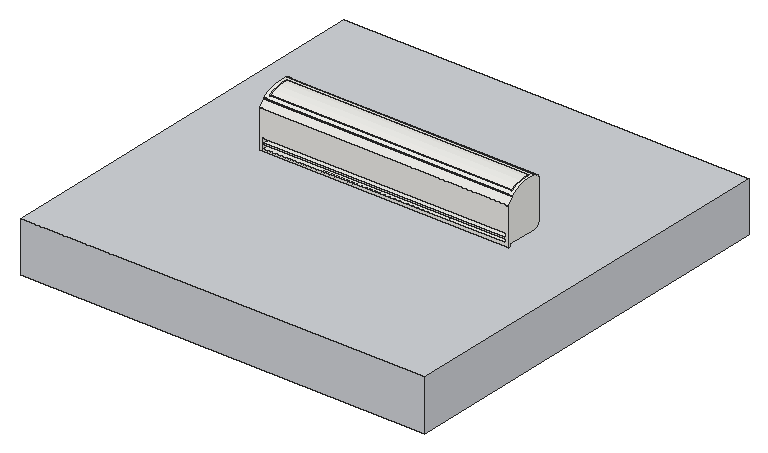
Revit family "ГРЕЕРС ЗВ - 150 В", category Wyposażenie mechaniczne, Revit 2016
Family settings
  Obiekt nadrzędny = Powierzchnia
  Typ części = Normalny
  Wymiar okrągłego złącza = Użyj średnicy
  Tnij formami wycięć po wczytaniu = Nie
  Współdzielony = Nie
  Punkt obliczania pomieszczeń = Nie
Parameters (values of type "ГРЕЕРС ЗВ - 150 В")
  Тепловая мощность = 0 kW
  Температура воздуха на выходе из аппарата (Тр2) = 0 °C
  Температура воздуха на входе в аппарат (Тр1) = 0 °C
  Температура воды на входе в теплообменник (Tw1) = 0 °C
  Производительность = 0 m³/h
  Полная мощность = Напряжение питания * Макс. потребление тока  # 218.5 VA
  Патрубки = 3/4"
  Падение давления воды в теплообменнике = 0 kPa
  Напряжение питания = 230 V
  Материал 2 = ГРЕЕРС-сталь,перфорация-белый
  Материал = ГРЕЕРС-сталь-белый
  Макс. потребление тока = 0.95 A
  Коэффициент мощности = 0.96
  Количество воды проходящей через теплообменник = 0 L/s
  Классификация нагрузки = ДВИГАТЕЛЬ
  Длина = 1500.00 mm  # constant formula
  Данные продукта = "https://greers.ru/vozdushnye-zavesy/"
  Вес аппарата = 27.50 kg
  Вентилятор = "Однофазный двигатель с поперечным ротором"
  Автор = "www.archispace.com"
  URL = ""
  Tемпература воды на выходе из теплообменника (Tw2) = 0 °C
  Producent = "ГРЕЕРС"
  Opis = "Воздушная завеса"
  Model = "ГРЕЕРС ЗВ - 150 В"
  IP = "21"
  Domyślna rzędna = 2200.00 mm
  Bec аппарата, наполненного водой = 30.00 kg
Reference planes
  plane 1 "Środek (Przód/Tył)": y = 0
  plane 2: z = 0
  plane 3 "Środek (Lewa/Prawa)": x = 0
Forms (mm)
  Extrusion 1, solid
    sketch origin (0, 0, 0) x (1, 0, 0) y (0, 1, 0)
      loop
        line (-1219.2, 1219.2) -> (-1219.2, -1219.2) -> (1219.2, -1219.2) -> (1219.2, 1219.2) -> (-1219.2, 1219.2)
    from 0 to -304.8
Dimensions and locks
  aligned and locked: plane 2 to Extrusion 1
  aligned and locked: level to Extrusion 1
  aligned and locked: plane 3 "Środek (Lewa/Prawa)" to nested 1
  aligned and locked: plane 1 "Środek (Przód/Tył)" to nested 1
Nested families
  nested 1: "ГРЕЕРС ЗВ - 150 В" at (0, 0, 0), type "ГРЕЕРС ЗВ - 150 В"
    with długość 1500.00 mm
Connectors
  piping at (704, 227.682, 166.954), diameter 19.05, driven by "Патрубки", driven by "Количество воды проходящей через теплообменник", driven by "Падение давления воды в теплообменнике"
    settings: on nested 1, index 7, connector inside diameter 24", connector length 0.00 mm, flow factor 0, pipe flow 0 L/s, pressure drop 0 kPa, fitting loss kfactor 0, connector angle 0.00°, fixture units 0, engagement length 0.00 mm, angle of deflection 0.00°, flow configuration 1, flow direction 2, fitting loss method 4, system type 8, joint type 0, gender type 0, connector reference index -1, connector utility 0, adjustable connector no, is connector primary yes, connector description ""
  piping at (704, 227.682, 242.954), diameter 19.05, driven by "Патрубки", driven by "Количество воды проходящей через теплообменник", driven by "Падение давления воды в теплообменнике"
    settings: on nested 1, index 8, connector inside diameter 24", connector length 0.00 mm, flow factor 0, pipe flow 0 L/s, pressure drop 0 kPa, fitting loss kfactor 0, connector angle 0.00°, fixture units 0, engagement length 0.00 mm, angle of deflection 0.00°, flow configuration 1, flow direction 1, fitting loss method 4, system type 7, joint type 0, gender type 0, connector reference index -1, connector utility 0, adjustable connector no, is connector primary no, connector description ""
  electrical at (0, 235.182, 54.049), driven by "Напряжение питания", driven by "Полная мощность", driven by "Коэффициент мощности", driven by "Классификация нагрузки"
    settings: on nested 1, index 9, voltage 230 V, apparent load 218.5 VA, apparent load phase1 0 VA, apparent load phase2 0 VA, apparent load phase3 0 VA, power factor 0.96, load classification "ДВИГАТЕЛЬ", number of poles 1, system type 30, power factor state 1, is connector primary yes, connector utility no, sub classification motor no, connector description ""
  electrical at (-59, 235.182, 85.024)
    settings: on nested 1, index 10, voltage 0 V, apparent load 0 VA, apparent load phase1 0 VA, apparent load phase2 0 VA, apparent load phase3 0 VA, power factor 1, load classification "Inne", number of poles 1, system type 13, power factor state 1, is connector primary no, connector utility no, sub classification motor no, connector description "Регулятор ТS"
  electrical at (59, 235.182, 85.024)
    settings: on nested 1, index 11, voltage 0 V, apparent load 0 VA, apparent load phase1 0 VA, apparent load phase2 0 VA, apparent load phase3 0 VA, power factor 1, load classification "Inne", number of poles 1, system type 13, power factor state 1, is connector primary no, connector utility no, sub classification motor no, connector description "Конечный датчик"
Definition of nested family "ГРЕЕРС ЗВ - 150 В"
  Parameters
    materiał perforacja = none
    materiał = none
    długość = 1000.00 mm
  Reference planes
    plane 1 "Środek (Przód/Tył)": y = 0
    plane 2: z = 0
    plane 3 "Środek (Lewa/Prawa)": x = 0
    plane 4: x = -500
    plane 5: x = 500
    plane 6: x = -480
    plane 7: x = 480
    plane 8: x = 250
    plane 9: x = -250
  Forms (mm)
    Extrusion 1, solid, material <- "materiał", detail levels medium
      sketch origin (0, 300, 0) x (0, 1, 0) y (0, 0, 1)
        loop
          line (-72.756, 283.564) -> (-81.693, 294.358)
          arc (-81.693, 294.358) -> (-82.051, 294.684) -> (-82.482, 294.903) r 1.8
          line (-82.482, 294.903) -> (-98.157, 300.357)
          arc (-98.157, 300.357) -> (-98.505, 300.566) -> (-98.742, 300.895) r 1
          line (-98.742, 300.895) -> (-99.846, 303.375)
          arc (-99.846, 303.375) -> (-100.355, 304.039) -> (-101.109, 304.402) r 1.8
          arc (-101.109, 304.402) -> (-188.803, 303.806) -> (-267.88, 265.892) r 200.8
          arc (-267.88, 265.892) -> (-268.406, 265.22) -> (-268.563, 264.381) r 1.8
          line (-268.563, 264.381) -> (-268.42, 261.651)
          arc (-268.42, 261.651) -> (-268.477, 261.263) -> (-268.678, 260.927) r 1
          line (-268.678, 260.927) -> (-299.538, 226.654)
          arc (-299.538, 226.654) -> (-299.88, 226.094) -> (-300, 225.449) r 1.8
          line (-300, 225.449) -> (-300, 0) -> (-292.2, 0) -> (-292.2, 13.085) -> (-113.282, 13.085)
          arc (-113.282, 13.085) -> (-84.316, 25.083) -> (-72.318, 54.049) r 40.964
          line (-72.318, 54.049) -> (-72.318, 282.336)
          arc (-72.318, 282.336) -> (-72.431, 282.988) -> (-72.756, 283.564) r 1.943
      from -500 to 500
    Extrusion 2, solid, material <- "materiał", detail levels coarse
      sketch origin (0, 0, 0) x (0, 1, 0) y (0, 0, 1)
        loop
          arc (227.682, 295.867) -> (103.817, 301.954) -> (0, 234.12) r 200.8
          line (0, 234.12) -> (0, 0) -> (227.682, 0) -> (227.682, 295.867)
      from -500 to 500
    Extrusion 3, solid, material <- "materiał", detail levels fine
      sketch origin (0, 0, 0) x (0, 1, 0) y (0, 0, 1)
        loop
          line (227.244, 283.564) -> (218.307, 294.358)
          arc (218.307, 294.358) -> (217.949, 294.684) -> (217.518, 294.903) r 1.8
          line (217.518, 294.903) -> (201.843, 300.357)
          arc (201.843, 300.357) -> (201.495, 300.566) -> (201.258, 300.895) r 1
          line (201.258, 300.895) -> (200.154, 303.375)
          arc (200.154, 303.375) -> (199.645, 304.039) -> (198.891, 304.402) r 1.8
          arc (198.891, 304.402) -> (111.197, 303.806) -> (32.12, 265.892) r 200.8
          arc (32.12, 265.892) -> (31.594, 265.22) -> (31.437, 264.381) r 1.8
          line (31.437, 264.381) -> (31.58, 261.651)
          arc (31.58, 261.651) -> (31.523, 261.263) -> (31.322, 260.927) r 1
          line (31.322, 260.927) -> (0.462, 226.654)
          arc (0.462, 226.654) -> (0.12, 226.094) -> (0, 225.449) r 1.8
          line (0, 225.449) -> (0, 0) -> (7.8, 0) -> (7.8, 13.085) -> (186.718, 13.085)
          arc (186.718, 13.085) -> (215.684, 25.083) -> (227.682, 54.049) r 40.964
          line (227.682, 54.049) -> (227.682, 282.336)
          arc (227.682, 282.336) -> (227.569, 282.988) -> (227.244, 283.564) r 1.943
      from -500 to 500
    Extrusion 4, void
      sketch origin (0, 0, 0) x (0, 1, 0) y (0, 0, 1)
        loop
          line (52, 337.939) -> (52, 227.939) -> (180, 227.939) -> (180, 337.939) -> (52, 337.939)
      from -480 to 480
    Extrusion 5, solid, material <- "materiał perforacja", detail levels fine
      sketch origin (0, 0, 0) x (0, 1, 0) y (0, 0, 1)
        loop
          arc (180, 307.56) -> (113.664, 304.359) -> (52, 279.696) r 200.8
          line (52, 279.696) -> (52, 277.35)
          arc (52, 277.35) -> (113.61, 302.3) -> (180, 305.546) r 198.8
          line (180, 305.546) -> (180, 307.56)
      from -480 to 480
    Extrusion 6, void
      sketch origin (0, 0, 0) x (0, 1, 0) y (0, 0, 1)
        loop
          line (0, 15.085) -> (50, 15.085) -> (50, 70.085) -> (0, 70.085) -> (0, 43.585)
          arc (0, 43.585) -> (17.5, 45.585) -> (35, 43.585) r 77.563
          line (35, 43.585) -> (35, 41.585)
          arc (35, 41.585) -> (17.5, 39.585) -> (0, 41.585) r 77.563
          line (0, 41.585) -> (0, 15.085)
      from -480 to 480
    Extrusion 7, solid, material <- "materiał"
      sketch origin (0, 0, 0) x (0, 1, 0) y (0, 0, 1)
        loop
          line (10, 0) -> (172, 0) -> (172, 13.085) -> (10, 13.085) -> (10, 0)
      from -250 to 250
    Extrusion 8, solid, material <- "materiał"
      sketch origin (0, 0, 0) x (0, 1, 0) y (0, 0, 1)
        loop
          line (227.682, 54.049) -> (242.682, 54.049) -> (242.682, 116) -> (227.682, 116) -> (227.682, 54.049)
      from -59 to 59
    Extrusion 9, solid, material <- "materiał"
      sketch origin (0, 0, 0) x (1, 0, 0) y (0, 0, 1)
        loop
          circle (454, 242.954) r 17
        loop
          circle (454, 166.954) r 17
      from -227.682 to -225
  Cuts and joins
    Extrusion 4, Extrusion 6 cuts Extrusion 3
  Dimensions and locks
    equal spacing: plane 4, plane 3 "Środek (Lewa/Prawa)", plane 5
    "długość": plane 4 to plane 5
    locked: plane 4 to plane 6 at 20
    locked: plane 7 to plane 5 at 20
    equal spacing: plane 4, plane 9, plane 3 "Środek (Lewa/Prawa)"
    equal spacing: plane 3 "Środek (Lewa/Prawa)", plane 8, plane 5
    locked: Extrusion 9 sketch curve to plane 5 at 46  (x2)
    aligned and locked: level to plane 2
    aligned and locked: Extrusion 2 to plane 4
    aligned and locked: Extrusion 1 to plane 4
    aligned and locked: Extrusion 2 to plane 5
    aligned and locked: Extrusion 1 to plane 5
    aligned and locked: Extrusion 3 to plane 4
    aligned and locked: Extrusion 3 to plane 5
    aligned and locked: Extrusion 4 to plane 6
    aligned and locked: Extrusion 4 to plane 7
    aligned and locked: Extrusion 5 to plane 6
    aligned and locked: Extrusion 5 to plane 7
    aligned and locked: Extrusion 6 to plane 7
    aligned and locked: Extrusion 6 to plane 6
    aligned and locked: plane 8 to Extrusion 7
    aligned and locked: plane 9 to Extrusion 7
  Automatic sketch dimensions
    Extrusion 1 sketch curve to level = 0.00 mm
    Extrusion 1 sketch curve to plane 1 "Środek (Przód/Tył)" = 0.00 mm
    Extrusion 1 sketch curve to Extrusion 1 sketch curve = 1.80 mm
    Extrusion 1 sketch curve to plane 1 "Środek (Przód/Tył)" = 7.80 mm
    Extrusion 1 sketch curve to plane 1 "Środek (Przód/Tył)" = 30.581 mm
    Extrusion 1 sketch curve to Extrusion 1 sketch curve = 0.742 mm
    Extrusion 1 sketch curve to Extrusion 1 sketch curve = 0.856 mm
    Extrusion 1 sketch curve to Extrusion 1 sketch curve = 1.797 mm
    Extrusion 1 sketch curve to plane 1 "Środek (Przód/Tył)" = 156.375 mm
    Extrusion 1 sketch curve to Extrusion 1 sketch curve = 30.343 mm
    Extrusion 1 sketch curve to Extrusion 1 sketch curve = 165.276 mm
    Extrusion 1 sketch curve to Extrusion 1 sketch curve = 3.662 mm
    Extrusion 1 sketch curve to Extrusion 1 sketch curve = 14.754 mm
    Extrusion 1 sketch curve to Extrusion 1 sketch curve = 1.38 mm
    Extrusion 1 sketch curve to Extrusion 1 sketch curve = 8.812 mm
    Extrusion 1 sketch curve to Extrusion 1 sketch curve = 1.505 mm
    Extrusion 1 sketch curve to Extrusion 1 sketch curve = 40.964 mm
    Extrusion 1 sketch curve to Extrusion 1 sketch curve = 13.085 mm
    Extrusion 1 sketch curve to Extrusion 1 sketch curve = 54.106 mm
    Extrusion 1 sketch curve to Extrusion 1 sketch curve = 117.295 mm
    Extrusion 1 sketch curve to Extrusion 1 sketch curve = 35.478 mm
    Extrusion 1 sketch curve to Extrusion 1 sketch curve = 0.671 mm
    Extrusion 1 sketch curve to Extrusion 1 sketch curve = 2.783 mm
    Extrusion 1 sketch curve to Extrusion 1 sketch curve = 0.097 mm
    Extrusion 1 sketch curve to Extrusion 1 sketch curve = 174.181 mm
    Extrusion 1 sketch curve to Extrusion 1 sketch curve = 10.867 mm
    Extrusion 1 sketch curve to Extrusion 1 sketch curve = 1.155 mm
    Extrusion 1 sketch curve to Extrusion 1 sketch curve = 8.099 mm
    Extrusion 1 sketch curve to Extrusion 1 sketch curve = 1.341 mm
    Extrusion 1 sketch curve to plane 1 "Środek (Przód/Tył)" = 0.462 mm
    Extrusion 1 sketch curve to Extrusion 1 sketch curve = 0.00 mm  (x14)
    Extrusion 1 sketch curve to Extrusion 1 sketch curve = 0.257 mm
    Extrusion 1 sketch curve to Extrusion 1 sketch curve = 1.263 mm
    Extrusion 1 sketch curve to Extrusion 1 sketch curve = 0.914 mm
    Extrusion 1 sketch curve to Extrusion 1 sketch curve = 0.585 mm
    Extrusion 1 sketch curve to Extrusion 1 sketch curve = 0.789 mm
    Extrusion 1 sketch curve to Extrusion 1 sketch curve = 0.944 mm
    Extrusion 2 sketch curve to level = 0.00 mm
    Extrusion 2 sketch curve to Extrusion 2 sketch curve = 71.306 mm
    Extrusion 2 sketch curve to Extrusion 2 sketch curve = 108.154 mm
    Extrusion 2 sketch curve to plane 1 "Środek (Przód/Tył)" = 0.00 mm
    Extrusion 2 sketch curve to Extrusion 2 sketch curve = 125.966 mm
    Extrusion 2 sketch curve to plane 1 "Środek (Przód/Tył)" = 156.375 mm
    plane 1 "Środek (Przód/Tył)" to Extrusion 3 sketch curve = 0.00 mm
    Extrusion 3 sketch curve to Extrusion 3 sketch curve = 1.80 mm
    Extrusion 3 sketch curve to Extrusion 3 sketch curve = 7.80 mm
    Extrusion 3 sketch curve to Extrusion 3 sketch curve = 28.781 mm
    Extrusion 3 sketch curve to Extrusion 3 sketch curve = 0.742 mm
    Extrusion 3 sketch curve to Extrusion 3 sketch curve = 0.856 mm
    Extrusion 3 sketch curve to Extrusion 3 sketch curve = 1.797 mm
    Extrusion 3 sketch curve to Extrusion 3 sketch curve = 148.575 mm
    Extrusion 3 sketch curve to Extrusion 3 sketch curve = 30.343 mm
    Extrusion 3 sketch curve to Extrusion 3 sketch curve = 165.276 mm
    Extrusion 3 sketch curve to Extrusion 3 sketch curve = 3.662 mm
    Extrusion 3 sketch curve to Extrusion 3 sketch curve = 14.754 mm
    Extrusion 3 sketch curve to Extrusion 3 sketch curve = 1.38 mm
    Extrusion 3 sketch curve to Extrusion 3 sketch curve = 8.812 mm
    Extrusion 3 sketch curve to Extrusion 3 sketch curve = 1.505 mm
    Extrusion 3 sketch curve to Extrusion 3 sketch curve = 40.964 mm
    level to Extrusion 3 sketch curve = 0.00 mm
    Extrusion 3 sketch curve to Extrusion 3 sketch curve = 13.085 mm
    Extrusion 3 sketch curve to Extrusion 3 sketch curve = 54.106 mm
    Extrusion 3 sketch curve to Extrusion 3 sketch curve = 117.295 mm
    Extrusion 3 sketch curve to Extrusion 3 sketch curve = 35.478 mm
    Extrusion 3 sketch curve to Extrusion 3 sketch curve = 0.671 mm
    Extrusion 3 sketch curve to Extrusion 3 sketch curve = 2.783 mm
    Extrusion 3 sketch curve to Extrusion 3 sketch curve = 0.097 mm
    Extrusion 3 sketch curve to Extrusion 3 sketch curve = 174.181 mm
    Extrusion 3 sketch curve to Extrusion 3 sketch curve = 10.867 mm
    Extrusion 3 sketch curve to Extrusion 3 sketch curve = 1.155 mm
    Extrusion 3 sketch curve to Extrusion 3 sketch curve = 8.099 mm
    Extrusion 3 sketch curve to Extrusion 3 sketch curve = 1.341 mm
    Extrusion 3 sketch curve to Extrusion 3 sketch curve = 0.462 mm
    Extrusion 3 sketch curve to Extrusion 3 sketch curve = 0.00 mm  (x14)
    Extrusion 3 sketch curve to Extrusion 3 sketch curve = 0.257 mm
    Extrusion 3 sketch curve to Extrusion 3 sketch curve = 1.263 mm
    Extrusion 3 sketch curve to Extrusion 3 sketch curve = 0.914 mm
    Extrusion 3 sketch curve to Extrusion 3 sketch curve = 0.585 mm
    Extrusion 3 sketch curve to Extrusion 3 sketch curve = 0.789 mm
    Extrusion 3 sketch curve to Extrusion 3 sketch curve = 0.944 mm
    Extrusion 4 sketch curve to Extrusion 4 sketch curve = 128.00 mm
    level to Extrusion 4 sketch curve = 227.939 mm
    Extrusion 4 sketch curve to Extrusion 4 sketch curve = 110.00 mm
    Extrusion 4 sketch curve to plane 1 "Środek (Przód/Tył)" = 52.00 mm
    Extrusion 5 sketch curve to plane 1 "Środek (Przód/Tył)" = 156.375 mm
    level to Extrusion 5 sketch curve = 108.154 mm
    Extrusion 5 sketch curve to plane 1 "Środek (Przód/Tył)" = 52.00 mm
    Extrusion 5 sketch curve to Extrusion 5 sketch curve = 23.625 mm
    Extrusion 5 sketch curve to Extrusion 5 sketch curve = 25.85 mm
    Extrusion 5 sketch curve to Extrusion 5 sketch curve = 2.346 mm
    Extrusion 5 sketch curve to Extrusion 5 sketch curve = 0.00 mm  (x2)
    Extrusion 7 sketch curve to level = 0.00 mm
    Extrusion 7 sketch curve to plane 1 "Środek (Przód/Tył)" = 10.00 mm
    Extrusion 7 sketch curve to Extrusion 7 sketch curve = 162.00 mm
    level to Extrusion 7 sketch curve = 13.085 mm
    Extrusion 8 sketch curve to plane 1 "Środek (Przód/Tył)" = 227.682 mm
    level to Extrusion 8 sketch curve = 116.00 mm
    level to Extrusion 8 sketch curve = 54.049 mm
    Extrusion 8 sketch curve to Extrusion 8 sketch curve = 15.00 mm
    level to Extrusion 9 sketch curve = 166.954 mm
    Extrusion 9 sketch curve to Extrusion 9 sketch curve = 76.00 mm
    Extrusion 6 sketch curve to plane 1 "Środek (Przód/Tył)" = 0.00 mm  (x2)
    Extrusion 6 sketch curve to plane 1 "Środek (Przód/Tył)" = 17.50 mm  (x2)
    Extrusion 6 sketch curve to Extrusion 6 sketch curve = 35.00 mm
    Extrusion 6 sketch curve to Extrusion 6 sketch curve = 15.00 mm
    Extrusion 6 sketch curve to level = 31.977 mm
    level to Extrusion 6 sketch curve = 15.085 mm
    Extrusion 6 sketch curve to Extrusion 6 sketch curve = 26.50 mm  (x2)
    Extrusion 6 sketch curve to Extrusion 6 sketch curve = 2.00 mm
    Extrusion 6 sketch curve to Extrusion 6 sketch curve = 47.063 mm
    radius of Extrusion 9 sketch curve = 17.00 mm  (x2)
Types in the file's own list only (60): name | Тепловая мощность | Температура воздуха на выходе из аппарата (Тр2) | Температура воздуха на входе в аппарат (Тр1) | Температура воды на входе в теплообменник (Tw1) | Производительность | Полная мощность | Падение давления воды в теплообменнике | Макс. потребление тока | Количество воды проходящей через теплообменник | Tемпература воды на выходе из теплообменника (Tw2)
  ГРЕЕРС ЗВ - 150 В, 1 скорость, Tw1/Tw2 = 90/70°C, Tp1 = 0 | 21.9 kW | 40.5 °C | 0 °C | 90 °C | 1600 m³/h | 219 VA | 16.6 kPa | 1 A | 0.269 L/s | 70 °C
  ГРЕЕРС ЗВ - 150 В, 1 скорость, Tw1/Tw2 = 90/70°C, Tp1 = 5 | 20.6 kW | 43 °C | 5 °C | 90 °C | 1600 m³/h | 219 VA | 14.8 kPa | 1 A | 0.252 L/s | 70 °C
  ГРЕЕРС ЗВ - 150 В, 1 скорость, Tw1/Tw2 = 90/70°C, Tp1 = 10 | 19.2 kW | 45.5 °C | 10 °C | 90 °C | 1600 m³/h | 219 VA | 13 kPa | 1 A | 0.235 L/s | 70 °C
  ГРЕЕРС ЗВ - 150 В, 1 скорость, Tw1/Tw2 = 90/70°C, Tp1 = 15 | 17.8 kW | 47.5 °C | 15 °C | 90 °C | 1600 m³/h | 219 VA | 11.4 kPa | 1 A | 0.218 L/s | 70 °C
  ГРЕЕРС ЗВ - 150 В, 1 скорость, Tw1/Tw2 = 90/70°C, Tp1 = 20 | 16.4 kW | 50 °C | 20 °C | 90 °C | 1600 m³/h | 219 VA | 9.8 kPa | 1 A | 0.201 L/s | 70 °C
  ГРЕЕРС ЗВ - 150 В, 1 скорость, Tw1/Tw2 = 80/60°C, Tp1 = 0 | 18.9 kW | 35 °C | 0 °C | 80 °C | 1600 m³/h | 219 VA | 13 kPa | 1 A | 0.231 L/s | 60 °C
  ГРЕЕРС ЗВ - 150 В, 1 скорость, Tw1/Tw2 = 80/60°C, Tp1 = 5 | 17.6 kW | 37.5 °C | 5 °C | 80 °C | 1600 m³/h | 219 VA | 11.3 kPa | 1 A | 0.214 L/s | 60 °C
  ГРЕЕРС ЗВ - 150 В, 1 скорость, Tw1/Tw2 = 80/60°C, Tp1 = 10 | 16.2 kW | 40 °C | 10 °C | 80 °C | 1600 m³/h | 219 VA | 9.8 kPa | 1 A | 0.197 L/s | 60 °C
  ГРЕЕРС ЗВ - 150 В, 1 скорость, Tw1/Tw2 = 80/60°C, Tp1 = 15 | 14.8 kW | 42 °C | 15 °C | 80 °C | 1600 m³/h | 219 VA | 8.3 kPa | 1 A | 0.18 L/s | 60 °C
  ГРЕЕРС ЗВ - 150 В, 1 скорость, Tw1/Tw2 = 80/60°C, Tp1 = 20 | 13.4 kW | 44.5 °C | 20 °C | 80 °C | 1600 m³/h | 219 VA | 6.9 kPa | 1 A | 0.163 L/s | 60 °C
  ГРЕЕРС ЗВ - 150 В, 1 скорость, Tw1/Tw2 = 70/50°C, Tp1 = 0 | 15.9 kW | 29.5 °C | 0 °C | 70 °C | 1600 m³/h | 219 VA | 9.7 kPa | 1 A | 0.193 L/s | 50 °C
  ГРЕЕРС ЗВ - 150 В, 1 скорость, Tw1/Tw2 = 70/50°C, Tp1 = 5 | 14.5 kW | 32 °C | 5 °C | 70 °C | 1600 m³/h | 219 VA | 8.3 kPa | 1 A | 0.177 L/s | 50 °C
  ГРЕЕРС ЗВ - 150 В, 1 скорость, Tw1/Tw2 = 70/50°C, Tp1 = 10 | 13.1 kW | 34 °C | 10 °C | 70 °C | 1600 m³/h | 219 VA | 6.9 kPa | 1 A | 0.159 L/s | 50 °C
  ГРЕЕРС ЗВ - 150 В, 1 скорость, Tw1/Tw2 = 70/50°C, Tp1 = 15 | 11.7 kW | 36.5 °C | 15 °C | 70 °C | 1600 m³/h | 219 VA | 5.6 kPa | 1 A | 0.142 L/s | 50 °C
  ГРЕЕРС ЗВ - 150 В, 1 скорость, Tw1/Tw2 = 70/50°C, Tp1 = 20 | 10.3 kW | 39 °C | 20 °C | 70 °C | 1600 m³/h | 219 VA | 4.5 kPa | 1 A | 0.125 L/s | 50 °C
  ГРЕЕРС ЗВ - 150 В, 1 скорость, Tw1/Tw2 = 60/40°C, Tp1 = 0 | 12.9 kW | 24 °C | 0 °C | 60 °C | 1600 m³/h | 219 VA | 6.9 kPa | 1 A | 0.156 L/s | 40 °C
  ГРЕЕРС ЗВ - 150 В, 1 скорость, Tw1/Tw2 = 60/40°C, Tp1 = 5 | 11.5 kW | 26 °C | 5 °C | 60 °C | 1600 m³/h | 219 VA | 5.6 kPa | 1 A | 0.139 L/s | 40 °C
  ГРЕЕРС ЗВ - 150 В, 1 скорость, Tw1/Tw2 = 60/40°C, Tp1 = 10 | 10 kW | 28.5 °C | 10 °C | 60 °C | 1600 m³/h | 219 VA | 4.4 kPa | 1 A | 0.122 L/s | 40 °C
  ГРЕЕРС ЗВ - 150 В, 1 скорость, Tw1/Tw2 = 60/40°C, Tp1 = 15 | 8.6 kW | 31 °C | 15 °C | 60 °C | 1600 m³/h | 219 VA | 3.4 kPa | 1 A | 0.104 L/s | 40 °C
  ГРЕЕРС ЗВ - 150 В, 1 скорость, Tw1/Tw2 = 60/40°C, Tp1 = 20 | 7.1 kW | 33 °C | 20 °C | 60 °C | 1600 m³/h | 219 VA | 2.4 kPa | 1 A | 0.086 L/s | 40 °C
  ГРЕЕРС ЗВ - 150 В, 2 скорость, Tw1/Tw2 = 90/70°C, Tp1 = 0 | 24.1 kW | 38.5 °C | 0 °C | 90 °C | 1850 m³/h | 219 VA | 19.6 kPa | 1 A | 0.295 L/s | 70 °C
  ГРЕЕРС ЗВ - 150 В, 2 скорость, Tw1/Tw2 = 90/70°C, Tp1 = 5 | 22.6 kW | 41 °C | 5 °C | 90 °C | 1850 m³/h | 219 VA | 17.5 kPa | 1 A | 0.277 L/s | 70 °C
  ГРЕЕРС ЗВ - 150 В, 2 скорость, Tw1/Tw2 = 90/70°C, Tp1 = 10 | 21.1 kW | 43.5 °C | 10 °C | 90 °C | 1850 m³/h | 219 VA | 15.4 kPa | 1 A | 0.258 L/s | 70 °C
  ГРЕЕРС ЗВ - 150 В, 2 скорость, Tw1/Tw2 = 90/70°C, Tp1 = 15 | 19.5 kW | 46 °C | 15 °C | 90 °C | 1850 m³/h | 219 VA | 13.4 kPa | 1 A | 0.239 L/s | 70 °C
  ГРЕЕРС ЗВ - 150 В, 2 скорость, Tw1/Tw2 = 90/70°C, Tp1 = 20 | 18 kW | 48.5 °C | 20 °C | 90 °C | 1850 m³/h | 219 VA | 11.6 kPa | 1 A | 0.22 L/s | 70 °C
  ГРЕЕРС ЗВ - 150 В, 2 скорость, Tw1/Tw2 = 80/60°C, Tp1 = 0 | 20.8 kW | 33 °C | 0 °C | 80 °C | 1850 m³/h | 219 VA | 15.3 kPa | 1 A | 0.253 L/s | 60 °C
  ГРЕЕРС ЗВ - 150 В, 2 скорость, Tw1/Tw2 = 80/60°C, Tp1 = 5 | 19.3 kW | 35.5 °C | 5 °C | 80 °C | 1850 m³/h | 219 VA | 13.4 kPa | 1 A | 0.235 L/s | 60 °C
  ГРЕЕРС ЗВ - 150 В, 2 скорость, Tw1/Tw2 = 80/60°C, Tp1 = 10 | 17.7 kW | 38 °C | 10 °C | 80 °C | 1850 m³/h | 219 VA | 11.5 kPa | 1 A | 0.216 L/s | 60 °C
  ГРЕЕРС ЗВ - 150 В, 2 скорость, Tw1/Tw2 = 80/60°C, Tp1 = 15 | 16.2 kW | 40.5 °C | 15 °C | 80 °C | 1850 m³/h | 219 VA | 9.8 kPa | 1 A | 0.198 L/s | 60 °C
  ГРЕЕРС ЗВ - 150 В, 2 скорость, Tw1/Tw2 = 80/60°C, Tp1 = 20 | 14.6 kW | 43 °C | 20 °C | 80 °C | 1850 m³/h | 219 VA | 8.2 kPa | 1 A | 0.179 L/s | 60 °C
  ГРЕЕРС ЗВ - 150 В, 2 скорость, Tw1/Tw2 = 70/50°C, Tp1 = 0 | 17.5 kW | 28 °C | 0 °C | 70 °C | 1850 m³/h | 219 VA | 11.5 kPa | 1 A | 0.212 L/s | 50 °C
  ГРЕЕРС ЗВ - 150 В, 2 скорость, Tw1/Tw2 = 70/50°C, Tp1 = 5 | 15.9 kW | 30.5 °C | 5 °C | 70 °C | 1850 m³/h | 219 VA | 9.8 kPa | 1 A | 0.194 L/s | 50 °C
  ГРЕЕРС ЗВ - 150 В, 2 скорость, Tw1/Tw2 = 70/50°C, Tp1 = 10 | 14.4 kW | 33 °C | 10 °C | 70 °C | 1850 m³/h | 219 VA | 8.1 kPa | 1 A | 0.175 L/s | 50 °C
  ГРЕЕРС ЗВ - 150 В, 2 скорость, Tw1/Tw2 = 70/50°C, Tp1 = 15 | 12.8 kW | 35.5 °C | 15 °C | 70 °C | 1850 m³/h | 219 VA | 6.6 kPa | 1 A | 0.156 L/s | 50 °C
  ГРЕЕРС ЗВ - 150 В, 2 скорость, Tw1/Tw2 = 70/50°C, Tp1 = 20 | 11.3 kW | 38 °C | 20 °C | 70 °C | 1850 m³/h | 219 VA | 5.2 kPa | 1 A | 0.137 L/s | 50 °C
  ГРЕЕРС ЗВ - 150 В, 2 скорость, Tw1/Tw2 = 60/40°C, Tp1 = 0 | 14.1 kW | 22.5 °C | 0 °C | 60 °C | 1850 m³/h | 219 VA | 8.1 kPa | 1 A | 0.171 L/s | 40 °C
  ГРЕЕРС ЗВ - 150 В, 2 скорость, Tw1/Tw2 = 60/40°C, Tp1 = 5 | 12.6 kW | 25 °C | 5 °C | 60 °C | 1850 m³/h | 219 VA | 6.6 kPa | 1 A | 0.152 L/s | 40 °C
  ГРЕЕРС ЗВ - 150 В, 2 скорость, Tw1/Tw2 = 60/40°C, Tp1 = 10 | 11 kW | 27.5 °C | 10 °C | 60 °C | 1850 m³/h | 219 VA | 5.2 kPa | 1 A | 0.133 L/s | 40 °C
  ГРЕЕРС ЗВ - 150 В, 2 скорость, Tw1/Tw2 = 60/40°C, Tp1 = 15 | 9.4 kW | 30 °C | 15 °C | 60 °C | 1850 m³/h | 219 VA | 4 kPa | 1 A | 0.114 L/s | 40 °C
  ГРЕЕРС ЗВ - 150 В, 2 скорость, Tw1/Tw2 = 60/40°C, Tp1 = 20 | 7.8 kW | 32.5 °C | 20 °C | 60 °C | 1850 m³/h | 219 VA | 2.8 kPa | 1 A | 0.095 L/s | 40 °C
  ГРЕЕРС ЗВ - 150 В, 3 скорость, Tw1/Tw2 = 90/70°C, Tp1 = 0 | 26.1 kW | 36.5 °C | 0 °C | 90 °C | 2100 m³/h | 219 VA | 22.7 kPa | 1 A | 0.319 L/s | 70 °C
  ГРЕЕРС ЗВ - 150 В, 3 скорость, Tw1/Tw2 = 90/70°C, Tp1 = 5 | 24.4 kW | 39.5 °C | 5 °C | 90 °C | 2100 m³/h | 219 VA | 20.2 kPa | 1 A | 0.299 L/s | 70 °C
  ГРЕЕРС ЗВ - 150 В, 3 скорость, Tw1/Tw2 = 90/70°C, Tp1 = 10 | 22.8 kW | 42 °C | 10 °C | 90 °C | 2100 m³/h | 219 VA | 17.8 kPa | 1 A | 0.279 L/s | 70 °C
  ГРЕЕРС ЗВ - 150 В, 3 скорость, Tw1/Tw2 = 90/70°C, Tp1 = 15 | 21.1 kW | 44.5 °C | 15 °C | 90 °C | 2100 m³/h | 219 VA | 15.5 kPa | 1 A | 0.259 L/s | 70 °C
  ГРЕЕРС ЗВ - 150 В, 3 скорость, Tw1/Tw2 = 90/70°C, Tp1 = 20 | 19.5 kW | 47 °C | 20 °C | 90 °C | 2100 m³/h | 219 VA | 13.4 kPa | 1 A | 0.239 L/s | 70 °C
  ГРЕЕРС ЗВ - 150 В, 3 скорость, Tw1/Tw2 = 80/60°C, Tp1 = 0 | 22.5 kW | 31.5 °C | 0 °C | 80 °C | 2100 m³/h | 219 VA | 17.7 kPa | 1 A | 0.274 L/s | 60 °C
  ГРЕЕРС ЗВ - 150 В, 3 скорость, Tw1/Tw2 = 80/60°C, Tp1 = 5 | 20.8 kW | 34.5 °C | 5 °C | 80 °C | 2100 m³/h | 219 VA | 15.4 kPa | 1 A | 0.254 L/s | 60 °C
  ГРЕЕРС ЗВ - 150 В, 3 скорость, Tw1/Tw2 = 80/60°C, Tp1 = 10 | 19.2 kW | 37 °C | 10 °C | 80 °C | 2100 m³/h | 219 VA | 13.3 kPa | 1 A | 0.234 L/s | 60 °C
  ГРЕЕРС ЗВ - 150 В, 3 скорость, Tw1/Tw2 = 80/60°C, Tp1 = 15 | 17.5 kW | 39.5 °C | 15 °C | 80 °C | 2100 m³/h | 219 VA | 11.3 kPa | 1 A | 0.214 L/s | 60 °C
  ГРЕЕРС ЗВ - 150 В, 3 скорость, Tw1/Tw2 = 80/60°C, Tp1 = 20 | 15.8 kW | 42 °C | 20 °C | 80 °C | 2100 m³/h | 219 VA | 9.4 kPa | 1 A | 0.193 L/s | 60 °C
  ГРЕЕРС ЗВ - 150 В, 3 скорость, Tw1/Tw2 = 70/50°C, Tp1 = 0 | 18.9 kW | 26.5 °C | 0 °C | 70 °C | 2100 m³/h | 219 VA | 13.2 kPa | 1 A | 0.229 L/s | 50 °C
  ГРЕЕРС ЗВ - 150 В, 3 скорость, Tw1/Tw2 = 70/50°C, Tp1 = 5 | 17.2 kW | 29 °C | 5 °C | 70 °C | 2100 m³/h | 219 VA | 11.2 kPa | 1 A | 0.209 L/s | 50 °C
  ГРЕЕРС ЗВ - 150 В, 3 скорость, Tw1/Tw2 = 70/50°C, Tp1 = 10 | 15.6 kW | 32 °C | 10 °C | 70 °C | 2100 m³/h | 219 VA | 9.4 kPa | 1 A | 0.189 L/s | 50 °C
  ГРЕЕРС ЗВ - 150 В, 3 скорость, Tw1/Tw2 = 70/50°C, Tp1 = 15 | 13.9 kW | 34.5 °C | 15 °C | 70 °C | 2100 m³/h | 219 VA | 7.6 kPa | 1 A | 0.169 L/s | 50 °C
  ГРЕЕРС ЗВ - 150 В, 3 скорость, Tw1/Tw2 = 70/50°C, Tp1 = 20 | 12.2 kW | 37 °C | 20 °C | 70 °C | 2100 m³/h | 219 VA | 6 kPa | 1 A | 0.148 L/s | 50 °C
  ГРЕЕРС ЗВ - 150 В, 3 скорость, Tw1/Tw2 = 60/40°C, Tp1 = 0 | 15.3 kW | 21.5 °C | 0 °C | 60 °C | 2100 m³/h | 219 VA | 9.3 kPa | 1 A | 0.185 L/s | 40 °C
  ГРЕЕРС ЗВ - 150 В, 3 скорость, Tw1/Tw2 = 60/40°C, Tp1 = 5 | 13.6 kW | 24 °C | 5 °C | 60 °C | 2100 m³/h | 219 VA | 7.6 kPa | 1 A | 0.165 L/s | 40 °C
  ГРЕЕРС ЗВ - 150 В, 3 скорость, Tw1/Tw2 = 60/40°C, Tp1 = 10 | 11.9 kW | 26.5 °C | 10 °C | 60 °C | 2100 m³/h | 219 VA | 6 kPa | 1 A | 0.144 L/s | 40 °C
  ГРЕЕРС ЗВ - 150 В, 3 скорость, Tw1/Tw2 = 60/40°C, Tp1 = 15 | 10.2 kW | 29.5 °C | 15 °C | 60 °C | 2100 m³/h | 219 VA | 4.5 kPa | 1 A | 0.124 L/s | 40 °C
  ГРЕЕРС ЗВ - 150 В, 3 скорость, Tw1/Tw2 = 60/40°C, Tp1 = 20 | 8.5 kW | 32 °C | 20 °C | 60 °C | 2100 m³/h | 219 VA | 3.3 kPa | 1 A | 0.102 L/s | 40 °C
